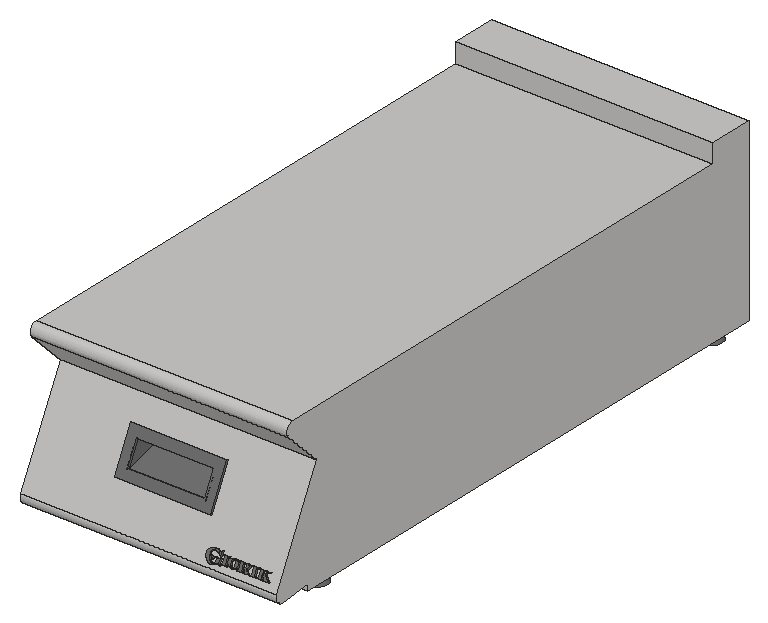
Revit family "QF_GIORIK_EN92CT", category Specialty Equipment, Revit 2014
Parameters (values of type "EN92CT")
  Weight in Pounds = 88.1848
  URL Cutsheet = "www.giorik.com"
  URL = "www.giorik.com"
  Status [instance] = ""
  Specification by User [instance] = ""
  Specification by Manufacturer = ""
  Show Logo [instance] = yes
  Show Clearance [instance] = yes
  Serial Number = ""
  Seismic Rating = ""
  SMACNA No = ""
  Revision Code [instance] = ""
  NAFEM Spec ID Number = ""
  Model = "EN92CT"
  Masterspec = ""
  Manufacturer = "GIORIK"
  Item Number [instance] = ""
  Installed By [instance] = ""
  Identify Quantity as Lot [instance] = no
  Furnished By [instance] = ""
  Foodservice Equipment Identifier [instance] = yes
  Description = "NEUTRAL UNIT WITH DRAWER - COUNTERTOP"
  CSI MasterFormat = ""
  Assembly Code = "E1090320"
Reference planes
  plane 1 "Back": y = 0
  plane 2: z = 0
  plane 3 "Left": x = 0
  plane 4 "Right": x = 400
  plane 5 "Front": y = -920
  plane 6 "Top": z = 300
Forms (mm)
  Extrusion 1, solid, visible <- "Show Logo"
    sketch origin (191.604, -936.761, 9.486) x (-1, 0, 0) y (0, 0.452718, 0.891654)
      loop
        line (-118.824, 58.358) -> (-127.804, 58.358) -> (-125.523, 56.445) -> (-125.523, 48.027) -> (-127.804, 46.113) -> (-118.824, 46.113) -> (-121.105, 48.027) -> (-121.105, 56.445) -> (-118.824, 58.358)
      loop
        line (-163.721, 58.358) -> (-172.7, 58.358) -> (-170.42, 56.445) -> (-170.42, 48.027) -> (-172.7, 46.113) -> (-163.721, 46.113) -> (-166.001, 48.027) -> (-166.001, 56.445) -> (-163.721, 58.358)
      loop
        line (-174.332, 58.358) -> (-183.312, 58.358) -> (-181.031, 56.445) -> (-181.031, 52.435) -> (-186.419, 56.955) -> (-184.416, 58.358) -> (-191.268, 58.358) -> (-188.01, 56.839) -> (-185.455, 54.283) -> (-190.846, 47.858) -> (-193.396, 46.93) -> (-193.396, 46.113) -> (-184.416, 46.113) -> (-185.437, 47.571) -> (-182.443, 51.552) -> (-181.031, 50.894) -> (-181.031, 48.027) -> (-183.312, 46.113) -> (-174.332, 46.113) -> (-176.613, 48.027) -> (-176.613, 56.445) -> (-174.332, 58.358)
      loop
        line (-115.429, 62.063) -> (-115.429, 54.198)
        arc (-115.429, 54.198) -> (-111.618, 57.803) -> (-106.847, 59.986) r 16.039
        arc (-106.847, 59.986) -> (-103.314, 59.837) -> (-100.512, 57.68) r 5.851
        arc (-100.512, 57.68) -> (-98.815, 52.267) -> (-100.512, 46.853) r 9.479
        arc (-100.512, 46.853) -> (-102.406, 44.986) -> (-104.846, 43.93) r 7.236
        arc (-104.846, 43.93) -> (-107.728, 44.111) -> (-110.052, 45.825) r 5.11
        line (-110.052, 45.825) -> (-110.052, 52.001) -> (-116.141, 52.001) -> (-116.141, 45.503) -> (-117.893, 43.751) -> (-114.094, 44.769)
        arc (-114.094, 44.769) -> (-112.56, 44.947) -> (-111.129, 44.366) r 3.115
        arc (-111.129, 44.366) -> (-104.216, 42.091) -> (-97.303, 44.366) r 11.641
        arc (-97.303, 44.366) -> (-93.396, 52.107) -> (-97.303, 59.849) r 9.622
        arc (-97.303, 59.849) -> (-104.369, 62.174) -> (-111.435, 59.849) r 11.898
        line (-111.435, 59.849) -> (-115.429, 62.063)
      loop
        arc (-129.234, 56.068) -> (-135.893, 58.628) -> (-142.552, 56.068) r 9.941
        arc (-142.552, 56.068) -> (-144.234, 52.286) -> (-142.552, 48.505) r 5.093
        arc (-142.552, 48.505) -> (-135.893, 45.945) -> (-129.234, 48.505) r 9.941
        arc (-129.234, 48.505) -> (-127.552, 52.286) -> (-129.234, 56.068) r 5.093
      loop
        arc (-132.628, 54.403) -> (-135.893, 57.668) -> (-139.158, 54.403) r 3.265
        line (-139.158, 54.403) -> (-139.158, 50.169)
        arc (-139.158, 50.169) -> (-135.893, 46.904) -> (-132.628, 50.169) r 3.265
        line (-132.628, 50.169) -> (-132.628, 54.403)
      loop
        arc (-156.363, 58.365) -> (-159.647, 55.081) -> (-156.363, 51.796) r 3.285
        line (-156.363, 51.796) -> (-159.529, 47.306) -> (-162.087, 46.113) -> (-155.847, 46.113) -> (-153.529, 51.083) -> (-150.637, 51.083) -> (-150.637, 47.784) -> (-153.022, 46.113) -> (-144.011, 46.113) -> (-146.094, 47.68) -> (-146.094, 56.493) -> (-144.229, 58.365) -> (-156.363, 58.365)
      loop
        line (-150.637, 57.512) -> (-153.637, 57.512)
        arc (-153.637, 57.512) -> (-156.237, 54.912) -> (-153.637, 52.312) r 2.6
        line (-153.637, 52.312) -> (-150.637, 52.312) -> (-150.637, 57.512)
      loop
        line (-108.924, 52.001) -> (-104.936, 49.005) -> (-100.948, 52.001) -> (-108.924, 52.001)
    from 1.5 to -0.5
  Extrusion 2, solid
    sketch origin (0, 800, -620) x (0, 1, 0) y (0, 0, 1)
      loop
        line (-800, 919.988) -> (-870, 919.988) -> (-870, 889.988) -> (-1688.806, 889.988)
        arc (-1688.806, 889.988) -> (-1699.151, 883.075) -> (-1696.724, 870.873) r 11.197
        line (-1696.724, 870.873) -> (-1640.876, 815.025) -> (-1718.948, 661.258)
        arc (-1718.948, 661.258) -> (-1718.233, 650.105) -> (-1708.118, 645.354) r 10.981
        line (-1708.118, 645.354) -> (-1660, 649.925) -> (-1660, 640) -> (-800, 640) -> (-800, 919.988)
    from 0 to 400
  Extrusion 3, solid, visible <- "Show Clearance", detail levels coarse
    sketch origin (0, -155, -368) x (0, 1, 0) y (0, 0, 1)
      loop
        line (-685, 393.257) -> (-685, 563) -> (-1220, 563) -> (-1220, 393.257) -> (-685, 393.257)
    from 0 to 400
  Extrusion 4, solid
    sketch origin (200, -520.043, -686.16) x (0, 0.891654, -0.452718) y (0, 0.452718, 0.891654)
      loop
        line (-642, 585) -> (-685, 545) -> (-681.85, 545) -> (-642, 582.07) -> (-642, 585)
    from -60 to 60
  Extrusion 5, solid
    sketch origin (-200, -1130.826, -376.048) x (1, 0, 0) y (0, 0.452718, 0.891654)
      loop
        line (340, 585) -> (340, 545) -> (460, 545) -> (460, 585) -> (340, 585)
      loop
        line (325, 600) -> (325, 530) -> (475, 530) -> (475, 600) -> (325, 600)
    from 0 to 2
  Extrusion 6, solid
    sketch origin (-200, -520.043, -686.16) x (1, 0, 0) y (0, 0.452718, 0.891654)
      loop
        line (338, 587) -> (338, 543) -> (462, 543) -> (462, 587) -> (338, 587)
      loop
        line (340, 585) -> (340, 545) -> (460, 545) -> (460, 585) -> (340, 585)
    from 642 to 685
  Extrusion 7, void
    sketch origin (-200, -200, -600) x (0, 1, 0) y (0, 0, 1)
      loop
        line (-665.08, 747.353) -> (-685, 708.12) -> (-644.876, 687.748) -> (-624.956, 726.98) -> (-665.08, 747.353)
    from 338 to 462
  Extrusion 8, solid
    sketch origin (543.603, 45.293, -30) x (0, 1, 0) y (-1, 0, 0)
      loop
        circle (-79.293, 516.603) r 5
    from 41.965 to 50
  Revolve 9, solid
    sketch origin (27, 49.943, -600) x (0, 1, 0) y (0, 0, 1)
      loop
        line (-83.943, 611.965) -> (-94.752, 611.965) -> (-97.943, 600) -> (-83.943, 600) -> (-83.943, 611.965)
      axis (-83.943, 611.965) -> (-83.943, 600)
    angle from 0 to 360
  Extrusion 10, solid
    sketch origin (-143.603, 45.293, -30) x (0, 1, 0) y (-1, 0, 0)
      loop
        circle (-79.293, -516.603) r 5
    from 41.965 to 50
  Revolve 11, solid
    sketch origin (373, 49.943, -600) x (0, 1, 0) y (0, 0, -1)
      loop
        line (-83.943, -611.965) -> (-83.943, -600) -> (-97.943, -600) -> (-94.752, -611.965) -> (-83.943, -611.965)
      axis (-83.943, -611.965) -> (-83.943, -600)
    angle from 0 to 360
  Extrusion 12, solid
    sketch origin (543.603, -724.774, -30) x (0, 1, 0) y (-1, 0, 0)
      loop
        circle (-79.293, 516.603) r 5
    from 41.965 to 50
  Revolve 13, solid
    sketch origin (27, -720.125, -600) x (0, 1, 0) y (0, 0, 1)
      loop
        line (-83.943, 611.965) -> (-94.752, 611.965) -> (-97.943, 600) -> (-83.943, 600) -> (-83.943, 611.965)
      axis (-83.943, 611.965) -> (-83.943, 600)
    angle from 0 to 360
  Extrusion 14, solid
    sketch origin (-143.603, -724.774, -30) x (0, 1, 0) y (-1, 0, 0)
      loop
        circle (-79.293, -516.603) r 5
    from 41.965 to 50
  Revolve 15, solid
    sketch origin (373, -720.125, -600) x (0, 1, 0) y (0, 0, -1)
      loop
        line (-83.943, -611.965) -> (-83.943, -600) -> (-97.943, -600) -> (-94.752, -611.965) -> (-83.943, -611.965)
      axis (-83.943, -611.965) -> (-83.943, -600)
    angle from 0 to 360
Cuts and joins
  Extrusion 7 cuts Extrusion 2
Lines and regions (mm)
  symbolic lines, style "200-EquipBorder-2D"
    curve 1: line (0, -920, 0) -> (400, -920, 0)
    curve 2: line (400, -920, 0) -> (400, 0, 0)
    curve 3: line (400, 0, 0) -> (0, 0, 0)
    curve 4: line (0, 0, 0) -> (0, -920, 0)
  symbolic lines, style "QF_Door-Drawer Clearances", visible <- "Show Clearance", detail levels coarse
    curve 5: line (0, -920, 0) -> (0, -1375, 0)
    curve 6: line (0, -1375, 900) -> (400, -1375, 900)
    curve 7: line (400, -1375, 900) -> (400, -920, 900)
  symbolic lines, style "200-EquipInternal-2D"
    curve 8: line (0, -70, 300) -> (400, -70, 300)
Dimensions and locks
  plane 3 "Left" to plane 4 "Right" = 400 mm
  plane 5 "Front" to plane 1 "Back" = 920 mm
  plane 4 "Right" to plane 3 "Left" = 400 mm
  plane 1 "Back" to plane 5 "Front" = 920 mm
  plane 6 "Top" to level = 300 mm  (x2)
  aligned and locked: level to plane 2
